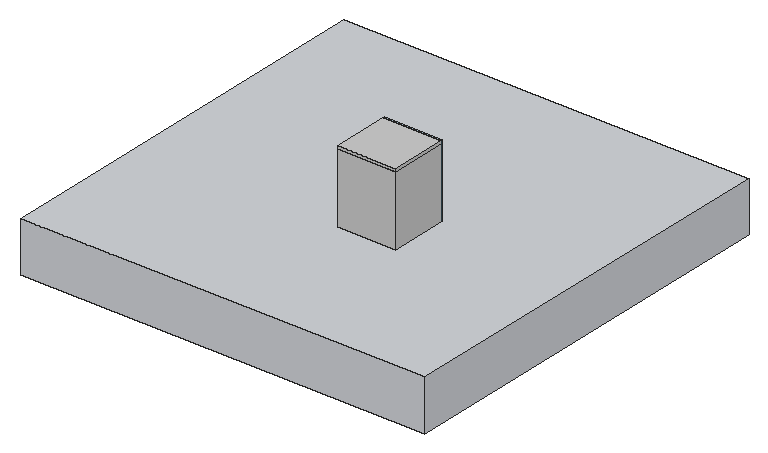
Revit family "IS_TonicII_Multiproduct_BIM_GB_R4307", category Plumbing Fixtures, host Face, Revit 2014
Parameters (values of type "R4307FE - Tonic II 350mm Side Unit - Wood Light Grey")
  WaterEfficientProduct = no
  WarrantyStartDate [instance] = "1900-12-31T23:59:59"
  WarrantyGuarantorParts = "Productinfo@thebluebook.co.uk"
  WarrantyGuarantorLabor = "n/a"
  WarrantyDurationUnit = "year"
  WarrantyDurationParts = "5"
  WarrantyDurationLabor = "n/a"
  WarrantyDescription = "Manufacturers Warranty"
  WRAS = no
  VolumeUnits = "Litres"
  Version = "1"
  Uniclass2015Version = "Products v1.1"
  Uniclass2015Reference = "Pr_40_30_78_04"
  Uniclass2015Description = "Bathroom integrated duct work"
  Uniclass2 = "n/a"
  URL = "www.idealspec.co.uk"
  Type Comments = "n/a"
  TagNumber [instance] = "n/a"
  TMV3 = no
  SustainabilityPerformance = "n/a"
  SpareParts = "www.fastpart-spares.co.uk"
  Space = "Internal"
  Size = "350 x 440 x 350 mm"
  Shape = "Rectangular"
  SerialNumber [instance] = "n/a"
  Revision = "n/a"
  ReplacementCost = "n/a"
  ProductInformation = "www.idealspec.co.uk/datasheets/R4307FE"
  Phone = "01482 346 461"
  NominalWidth = 350 mm
  NominalLength = 440 mm
  NominalHeight = 350 mm
  NominalDepth = 440 mm
  NettWeight = "12.5 Kg"
  Name = "ISI_Furniture_TonicII_R4307FE_IdealStandard"
  NBSTypeID = "n/a"
  NBSReference = "45-35-72/320"
  NBSOfficeMasterTag = "n/a"
  NBSNote = "n/a"
  NBSDescription = "Bathroom integrated duct work"
  NBSCertification = "n/a"
  ModelReference = Description  # "Tonic II 350mm side unit with 1 door with glass worktop"
  ModelNumber = Model  # "R4307FE"
  ManufacturerURL = "www.idealspec.co.uk"
  LinearUnits = "millimeters"
  LaminateFinish = ISI_IdealStandard_Furniture_WoodLightGreyFE_Render
  Keynote = "n/a"
  InstallationInstructions = "www.idealspec.co.uk/resources.html"
  InstallationDate [instance] = "1900-12-31T23:59:59"
  IfcExportType = "USERDEFINED"
  IfcExportAs = "IfcFurnitureType"
  Help = "Productinfo@thebluebook.co.uk"
  HWFU = 0
  GrossWeight = "n/a"
  Grade = "n/a"
  Finish = "Light Grey Wood"
  Features = "350mm side unit with 1 door with glass worktop"
  ExpectedLife = "30"
  DurationUnit = "year"
  CurrencyUnit = "n/a"
  CreatedOn = "2016_04_06"
  Cost = 0
  Constituents = "n/a"
  ConnectionType = "Plumbing"
  Color = "Light Grey Wood"
  CodePerformance = "EN 14749:2005"
  Category = "Furniture"
  Reference = "n/a"
  Model = "R4307FE"
  Manufacturer = "Ideal Standard (UK) Ltd"
  ECA = no
  Description = "Tonic II 350mm side unit with 1 door with glass worktop"
  Default Elevation = 800 mm
  CWFU = 0
  Brand = "Ideal Standard"
  BarCode = "3391500571792"
  BREEAM = no
  BIMObjectName = "ISI_IdealStandard_Furniture_TonicII_R4307FE"
  Author = "Ideal Standard (UK) Ltd"
  AssetType = "Fixed"
  AssetIdentifier [instance] = "n/a"
  Assembly Code = "C1030200"
  AreaUnits = "millimeters"
  AreaMeasurement = "n/a"
  Accessories = "www.idealspec.co.uk"
  AccessibilityPerformance = "n/a"
Types (5, lengths in mm): name | ProductInformation | Name | ModelNumber | LaminateFinish | Finish | Color | Model | BarCode | BIMObjectName
  R4307FF - Tonic II 350mm Side Unit - Wood Light Brown | "www.idealspec.co.uk/datasheets/R4307FF" | "ISI_Furniture_TonicII_R4307FF_IdealStandard" | "R4307FF" | ISI_IdealStandard_Furniture_WoodLightBrownFF_Render | "Light Brown Wood" | "Light Brown Wood" | "R4307FF" | "3391500571785" | "ISI_IdealStandard_Furniture_TonicII_R4307FF"
  R4307FE - Tonic II 350mm Side Unit - Wood Light Grey | "www.idealspec.co.uk/datasheets/R4307FE" | "ISI_Furniture_TonicII_R4307FE_IdealStandard" | "R4307FE" | ISI_IdealStandard_Furniture_WoodLightGreyFE_Render | "Light Grey Wood" | "Light Grey Wood" | "R4307FE" | "3391500571792" | "ISI_IdealStandard_Furniture_TonicII_R4307FE"
  R4307FC - Tonic II 350mm Side Unit - Gloss Light Brown | "www.idealspec.co.uk/datasheets/R4307FC" | "ISI_Furniture_TonicII_R4307FC_IdealStandard" | "R4307FC" | ISI_IdealStandard_Furniture_GlossLightBrownFC_Render | "Light Brown Gloss" | "Light Brown Gloss" | "R4307FC" | "3391500571778" | "ISI_IdealStandard_Furniture_TonicII_R4307FC"
  R4307FA - Tonic II 350mm Side Unit - Gloss Light Grey | "www.idealspec.co.uk/datasheets/R4307FA" | "ISI_Furniture_TonicII_R4307FA_IdealStandard" | "R4307FA" | ISI_IdealStandard_Furniture_GlossLightGreyFA_Render | "Light Grey Gloss" | "Light Grey Gloss" | "R4307FA" | "3391500571761" | "ISI_IdealStandard_Furniture_TonicII_R4307FA"
  R4307WG - Tonic II 350mm Side Unit - White Gloss | "www.idealspec.co.uk/datasheets/R4307WG" | "ISI_Furniture_TonicII_R4307WG_IdealStandard" | "R4307WG" | ISI_IdealStandard_Furniture_WhiteGlossWG_Render | "Gloss White" | "Gloss White" | "R4307WG" | "3391500571754" | "ISI_IdealStandard_Furniture_TonicII_R4307WG"
Reference planes
  plane 1 "Center (Front/Back)": y = 0
  plane 2: z = 0
  plane 3 "Center (Left/Right)": x = 0
  plane 4: x = 350
  plane 5: y = -350
  plane 6: z = 440
  plane 7: z = 422
  plane 8: y = -8
Forms (mm)
  Extrusion 1, solid
    sketch origin (0, 0, 0) x (1, 0, 0) y (0, 1, 0)
      loop
        line (-1219.2, 1219.2) -> (-1219.2, -1219.2) -> (1219.2, -1219.2) -> (1219.2, 1219.2) -> (-1219.2, 1219.2)
    from 0 to -304.8
  Extrusion 2, solid, material "ISI_IdealStandard_Furniture_WoodLightGreyFE_Render" <- "LaminateFinish"
    sketch origin (0, 0, 0) x (1, 0, 0) y (0, 1, 0)
      loop
        line (0, -350) -> (350, -350) -> (350, -8) -> (0, -8) -> (0, -350)
    from 0 to 422
  Extrusion 3, solid, material "ISI_IdealStandard_Furniture_WoodLightGreyFE_Render" <- "LaminateFinish"
    sketch origin (0, 0, 0) x (1, 0, 0) y (0, 1, 0)
      loop
        line (0, -350) -> (350, -350) -> (350, -8) -> (0, -8) -> (0, -350)
    from 422 to 440
  Extrusion 4, solid, material "Glass"
    sketch origin (1524, -8, 1219.2) x (1, 0, 0) y (0, 0, 1)
      loop
        line (-1524, -779.2) -> (-1524, -1219.2) -> (-1174, -1219.2) -> (-1174, -779.2) -> (-1524, -779.2)
    from -8 to 0
Dimensions and locks
  "NominalWidth": plane 3 "Center (Left/Right)" to plane 4
  locked: plane 5 to plane 1 "Center (Front/Back)" at 350
  locked: plane 8 to plane 1 "Center (Front/Back)" at 8
  locked: plane 6 to plane 7 at 18
  "NominalDepth": plane 6 to level
  aligned and locked: plane 2 to Extrusion 1
  aligned and locked: level to Extrusion 1
  aligned and locked: plane 3 "Center (Left/Right)" to Extrusion 2 sketch curve
  aligned and locked: Extrusion 2 sketch curve to plane 5
  aligned and locked: Extrusion 2 sketch curve to plane 4
  aligned and locked: plane 7 to Extrusion 2
  aligned and locked: Extrusion 2 to level
  aligned and locked: Extrusion 3 sketch curve to Extrusion 2  (x3)
  aligned and locked: plane 6 to Extrusion 3
  aligned and locked: Extrusion 3 to plane 7
  aligned and locked: Extrusion 2 to Extrusion 3
  aligned and locked: plane 5 to Extrusion 2
  aligned and locked: Extrusion 4 sketch curve to Extrusion 3  (x2)
  aligned and locked: Extrusion 4 sketch curve to Extrusion 2  (x2)
  aligned and locked: Extrusion 4 to plane 1 "Center (Front/Back)"
  aligned and locked: Extrusion 4 to Extrusion 2
Automatic sketch dimensions
  Extrusion 1 sketch curve to Extrusion 1 sketch curve = 2438.4 mm  (x2)
  plane 8 to Extrusion 2 sketch curve = 0 mm
  plane 8 to Extrusion 3 sketch curve = 0 mm
